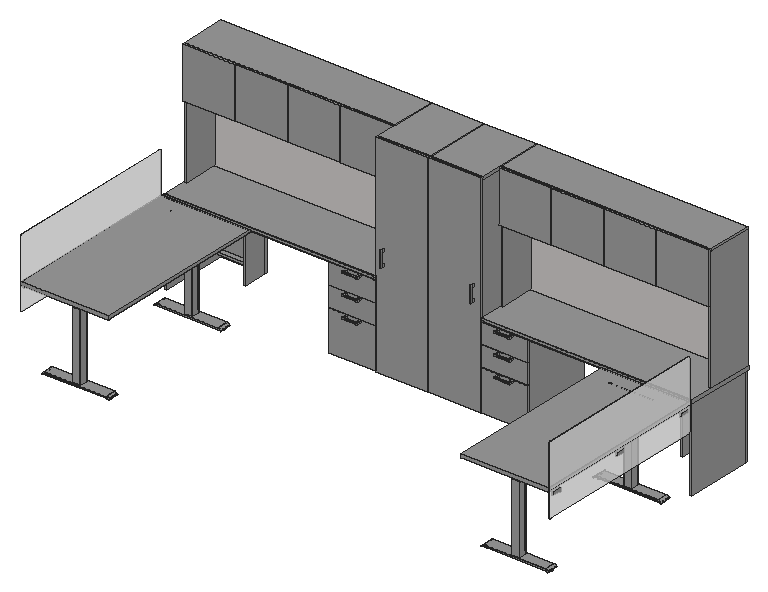
Revit family "JSI-Vision-Typical_Laminate-VST117", category Furniture, Revit 2020
Family settings
  OmniClass Number = 23.40.20.00
  OmniClass Title = General Furniture and Specialties
  Work Plane-Based = No
  Always vertical = Yes
  Cut with Voids When Loaded = No
  Shared = No
  Room Calculation Point = No
Parameters (values of type "VST117")
  URL = "www.jsifurniture.com"
  Type Comments = "Typical Laminate"  # constant formula
  Model = "VST117"
  Manufacturer = "JSI"  # constant formula
  Keynote = "12500"
  Default Elevation = 0"
  Assembly Code = "E2020200"
Reference planes (in)
  plane 1 "Center Front/Back": y = 0
  plane 2: z = 0
  plane 3 "Center Left/Right": x = 0
Dimensions and locks (in)
  aligned and locked: level to plane 2
Nested families (in)
  nested 1: "JSI-Vision-Tackboard_Overhead" at (17.8125, -1.6875, -4.5625), type "VSB7223TK, Tackboard for Overhead Front"
    with Width 70 1/8", Height 23"
  nested 2: "JSI-Vision-Modular_Box_Box_File_Pedestal" at (17.8125, 0.0625, 0), type "VST1624MBBF, Laminate Modular BBF Ped"
    with Ped Width 15.996", Ped Height 27.996", Ped Depth 24"
  nested 3: "JSI-Vision-Modular_Wing_End_Support" at (-89.875, 0, 0), type "VST1624WEAL, Wing End Sup - Left"
    with Depth 24"
  nested 4: "JSI-Vision-Modular_Wing_End_Support" at (73.75, 0, 0), type "VST1624WEAR, Wing End Sup - Right"
    with Pnl Pstn 15 1/8", L no, Depth 24"
  nested 5: "JSI-Vision-Overhead_Cabinets" at (17.8125, 0, -0.8125), type "VST1672SO, Laminate OH Cab. 16" x 72", 4 Doors"
    with Verticall Partition Distance 35 3/4", Unit Centre 36", Width 72", Door Width Actual 17 25/32", Door Array Spacing 17 29/32", Door Width 17 25/32", # of Doors 4
  nested 6: "JSI-Vision-Wardrobe" at (0, 0, 0), type "VST2418-72WL, Laminate 72" H Wdrb 24" x 30" - 1 Door"
    with Vertical Partition no, Top-Right Shelve no, Width 18", Unit Centre 8 15/16", Shelve Width 7 13/16", Right surface Dist. to Vertical Partition 3/4", Right Door no, Pull Distance 15 1/4", Left Shelves no, Height 72", Hanging Bar Distance 6 3/4", Door Width 17 3/4", Bottom-Right Shelves yes, Adjustable Shelves Array Distance 13.95", Actual Width 17 7/8", Actual Height 71 11/16", # of Adjustable Shelves 4
  nested 7: "JSI-Vision-Wardrobe" at (-17.875, 0, 0), type "VST2418-72WR, Laminate 72" H Wdrb 24" x 36" - 1 Door"
    with Vertical Partition no, Top-Right Shelve no, Width 18", Unit Centre 8 15/16", Shelve Width 7 13/16", Right surface Dist. to Vertical Partition 3/4", Pull Distance 15 1/4", Left Shelves no, Left Door no, Height 72", Hanging Bar Distance 6 3/4", Door Width 17 3/4", Bottom-Right Shelves yes, Adjustable Shelves Array Distance 13.95", Actual Width 17 7/8", Actual Height 71 11/16", # of Adjustable Shelves 4
  nested 8: "JSI-Vision-Credenza_Top" at (17.875, 0, 27.996), type "VST2472MCT, Laminate Credenza Top, 24" x 72""
    with Height 0", Width 72", Depth 24"
  nested 9: "JSI-Vision-Adjustable_Table_Standard_Range" at (59.875, -85, 0) x (0, 1, 0) z (0, 0, 1), type "VST3060AHTD-S - Adjustable Height Table Standard Range 60"W x 30"D x 30"H"
  nested 10: "JSI-Vision-Modular_Box_Box_File_Pedestal" at (-17.8125, 0.0625, 0) x (-1, 0, 0) z (0, 0, 1), type "VST1624MBBF, Laminate Modular BBF Ped"
    with Ped Width 15.996", Ped Height 27.996", Ped Depth 24"
  nested 11: "JSI-Vision-Credenza_Top" at (-17.875, 0, 27.996) x (-1, 0, 0) z (0, 0, 1), type "VST2472MCT, Laminate Credenza Top, 24" x 72""
    with Height 0", Width 72", Depth 24"
  nested 12: "JSI-Vision-Adjustable_Table_Standard_Range" at (-59.875, -85, 0) x (0, 1, 0) z (0, 0, 1), type "VST3060AHTD-S - Adjustable Height Table Standard Range 60"W x 30"D x 30"H"
  nested 13: "JSI-Vision-Overhead_Cabinets" at (-17.8125, 0, -0.8125) x (-1, 0, 0) z (0, 0, 1), type "VST1672SO, Laminate OH Cab. 16" x 72", 4 Doors"
    with Verticall Partition Distance 35 3/4", Unit Centre 36", Width 72", Door Width Actual 17 25/32", Door Array Spacing 17 29/32", Door Width 17 25/32", # of Doors 4
  nested 14: "JSI-Vision-Tackboard_Overhead" at (-17.8125, -1.6875, -4.5625) x (-1, 0, 0) z (0, 0, 1), type "VSB7223TK, Tackboard for Overhead Front"
    with Width 70 1/8", Height 23"
  nested 15: "JSI-Vision-Lok_Frosted_Acrylic_Privacy_Screen" at (-89.875, -85, -2.13) x (0, 1, 0) z (0, 0, 1), type "LK-PSP-6024A, Lok Frosted Acrylic Privacy Screen - 60w x 23 3/4h"
  nested 16: "JSI-Vision-Lok_Frosted_Acrylic_Privacy_Screen" at (89.875, -85, -2.13) x (0, 1, 0) z (0, 0, 1), type "LK-PSP-6024A, Lok Frosted Acrylic Privacy Screen - 60w x 23 3/4h"
Definition of nested family "JSI-Vision-Tackboard_Overhead"
  Parameters (values of type "Tackboard for Overhead Front - Type Catalog Family")
    Tackboard = none
    Width = 28 1/8"
    URL = "www.jsifurniture.com"
    Type Comments = ""
    Series = "Vision Casegoods"  # constant formula
    Model = "Type Catalog"
    Material = ""
    Manufacturer = "JSI"  # constant formula
    Keynote = "12500"  # constant formula
    JSI Enviromental Website = "http://www.jsifurniture.com/jsi_sustainability_intro.php"
    Height = 19"
    Description = "Type Catalog"
    Depth = 3/8"
    Default Elevation = 0"
    Assembly Code = "E2020200"
  Reference planes (in)
    plane 1 "Center Front/Back": y = 0
    plane 2: z = 0
    plane 3 "Center Left/Right": x = 0
    plane 4: z = 0
    plane 5: x = 0.9375
    plane 6: x = 29.0625
    plane 7: y = -1.6875
    plane 8: z = 33.75
    plane 9: x = 30
    plane 10: z = 52.75
    plane 11: y = -2.0625
  Forms (in)
    Extrusion 1, solid, material <- "Tackboard"
      sketch origin (0, -0.125, 0) x (1, 0, 0) y (0, 1, 0)
        loop
          line (0.9375, -1.5625) -> (0.9375, -1.9375) -> (29.0625, -1.9375) -> (29.0625, -1.5625) -> (0.9375, -1.5625)
      from 33.75 to 52.75
  Lines and regions (in)
    symbolic lines
      curve 1: line (0.9375, -1.6875, 0) -> (29.0625, -1.6875, 0)
      curve 2: line (0.9375, -2.0625, 0) -> (0.9375, -1.6875, 0)
      curve 3: line (29.0625, -2.0625, 0) -> (0.9375, -2.0625, 0)
      curve 4: line (29.0625, -1.6875, 0) -> (29.0625, -2.0625, 0)
  Dimensions and locks (in)
    "Width": plane 5 to plane 6
    plane 8 to level = 33 3/4"
    "Height": plane 10 to plane 8
    locked: plane 3 "Center Left/Right" to plane 5 at 0.9375
    locked: plane 6 to plane 9 at 0.9375
    plane 1 "Center Front/Back" to plane 7 to plane 11 = 1 11/16" locked, 3/8" locked
    aligned and locked: level to plane 2
    aligned and locked: plane 7 to Extrusion 1
    aligned and locked: Extrusion 1 to plane 5  (x2)
    aligned and locked: plane 6 to Extrusion 1  (x2)
    aligned and locked: Extrusion 1 to plane 8
    aligned and locked: plane 10 to Extrusion 1
    aligned and locked: curve 1 to Extrusion 1
    aligned and locked: curve 2 to Extrusion 1
    aligned and locked: curve 3 to Extrusion 1
    aligned and locked: curve 4 to Extrusion 1
  Automatic sketch dimensions
    Extrusion 1 sketch curve to plane 5 = 0"
    Extrusion 1 sketch curve to plane 6 = 0"
    plane 7 to Extrusion 1 sketch curve = 0"
    Extrusion 1 sketch curve to plane 7 = 3/8"
Definition of nested family "JSI-Vision-Modular_Box_Box_File_Pedestal"
  Parameters (values of type "Type Catalog")
    URL = "www.jsifurniture.com"
    Tag = "BBF"
    Series = "Vision Casegoods"  # constant formula
    Pull Finish = none
    Ped Width = 16"
    Ped Height = 28"
    Model = "Type Catalog"
    Manufacturer = "JSI"  # constant formula
    Keynote = "12500"
    JSI Enviromental website = "http://www.jsifurniture.com/jsi_sustainability_intro.php"
    Description = "Type Catalog"
    Default Elevation = 0"
    Chassis = none
    Ped Depth = 20"
    Grommet Finish = none
    Drawer Front = none
    Assembly Code = "E2020200"
  Reference planes (in)
    plane 1 "Center Front/Back": y = 0
    plane 2: z = 0
    plane 3 "Center Left/Right": x = 0
    plane 4: x = 0.125
    plane 5: x = 16.125
    plane 6: x = 16.25
    plane 7: y = -18.9795
    plane 8: y = -0.1875
    plane 9: y = -19.1095
    plane 10: x = 0.18716
    plane 11: x = 16.06243
    plane 12: y = -19.8595
    plane 13: z = 27.89082
    plane 14: z = 28
    plane 15: x = 0.875
    plane 16: x = 15.376
    plane 17: y = -0.9375
    plane 18: y = -18.23863
    plane 19: z = 27.1404
    plane 20: z = 26.5625
    plane 21: y = -3.9375
    plane 22: x = 8.125
    plane 23: y = -20
    plane 24: y = -9.80266
    plane 25: y = -14.80266
    plane 26: z = 27.1875
    plane 27: z = 21.04715
    plane 28: z = 20.92165
    plane 29: z = 20.1704
    plane 30: z = 14.0779
    plane 31: z = 13.9529
    plane 32: z = 13.2024
    plane 33: z = 0.1404
  Forms (in)
    Extrusion 1, solid, material <- "Chassis"
      sketch origin (0.125, -0.1875, 48) x (0, 1, 0) y (0, 0, 1)
        loop
          line (0, -20) -> (-2.2814, -20) -> (-18.792, -20) -> (-18.792, -48) -> (0, -48) -> (0, -20)
      from 0 to 0.75
    Extrusion 2, solid, material <- "Chassis"
      sketch origin (16.125, -0.1875, 48) x (0, 1, 0) y (0, 0, 1)
        loop
          line (0, -20) -> (-1.49541, -20) -> (-18.792, -20) -> (-18.792, -48) -> (0, -48) -> (0, -20)
      from -0.749 to 0
    Extrusion 3, solid, material <- "Drawer Front"
      sketch origin (0, 0, 0) x (1, 0, 0) y (0, 0, 1)
        loop
          line (0.18716, 27.89082) -> (0.18716, 21.04715) -> (16.06243, 21.04715) -> (16.06243, 27.89082) -> (0.18716, 27.89082)
        loop
          line (16.06243, 14.0779) -> (16.06243, 20.92165) -> (0.18716, 20.92165) -> (0.18716, 14.0779) -> (16.06243, 14.0779)
        loop
          line (0.18716, 13.9529) -> (0.18716, 0.1404) -> (16.06243, 0.1404) -> (16.06243, 13.9529) -> (0.18716, 13.9529)
      from 19.1095 to 19.8595
    Extrusion 4, solid, material <- "Chassis"
      sketch origin (0, 0, 0) x (1, 0, 0) y (0, 1, 0)
        loop
          line (0.875, -18.23863) -> (0.875, -18.9795) -> (15.376, -18.9795) -> (15.376, -18.23863) -> (0.875, -18.23863)
      from 0 to 1.9375
    Extrusion 5, solid, material <- "Chassis"
      sketch origin (0, 0, 0) x (0, 1, 0) y (0, 0, 1)
        loop
          line (-9.80266, 27.1875) -> (-9.80266, 27.89082) -> (-14.80266, 27.89082) -> (-14.80266, 27.1875) -> (-9.80266, 27.1875)
      from 0.875 to 15.376
    Extrusion 6, solid, material <- "Chassis"
      sketch origin (0, 0, 0) x (0, 1, 0) y (0, 0, 1)
        loop
          line (-0.1875, 28) -> (-0.9375, 28) -> (-0.9375, 23) -> (-0.1875, 23) -> (-0.1875, 28)
        loop
          line (-0.9375, 5) -> (-0.9375, 0) -> (-0.1875, 0) -> (-0.1875, 5) -> (-0.9375, 5)
      from 0.875 to 15.376
  Lines and regions (in)
    symbolic lines
      curve 1: line (0.125, -18.9795, 0) -> (0.125, -0.1875, 0)
      curve 2: line (16.125, -0.1875, 0) -> (16.125, -18.9795, 0)
      curve 3: line (0.18716, -19.1095, 0) -> (16.06243, -19.1095, 0)
      curve 4: line (0.18716, -19.8595, 0) -> (0.18716, -19.1095, 0)
      curve 5: line (16.06243, -19.8595, 0) -> (0.18716, -19.8595, 0)
      curve 6: line (16.06243, -19.1095, 0) -> (16.06243, -19.8595, 0)
      curve 7: line (0.875, -0.1875, 0) -> (0.875, -18.9795, 0)
      curve 8: line (0.125, -18.9795, 0) -> (0.875, -18.9795, 0)
      curve 9: line (15.376, -0.1875, 0) -> (15.376, -18.9795, 0)
      curve 10: line (15.376, -18.9795, 0) -> (16.125, -18.9795, 0)
      curve 11: line (0.125, -0.1875, 0) -> (16.125, -0.1875, 0)
      curve 12: line (0.875, -0.9375, 0) -> (15.376, -0.9375, 0)
  Dimensions and locks (in)
    plane 3 "Center Left/Right" to plane 4 = 1/8"
    locked: plane 5 to plane 6 at 0.125
    "Ped Width": plane 4 to plane 5
    locked: plane 1 "Center Front/Back" to plane 8 at 0.1875
    "Ped Height": plane 14 to level
    locked: plane 8 to plane 17 at 0.75
    plane 18 to plane 7 to plane 9 to plane 12 = 0.74087" locked, 0.13" locked, 3/4" locked
    plane 4 to plane 10 to plane 15 = 0.06216" locked, 0.68784" locked
    plane 16 to plane 11 to plane 5 = 0.68644" locked, 0.06257" locked
    locked: plane 14 to plane 20 at 1.4375
    locked: plane 1 "Center Front/Back" to plane 21 at 3.9375
    plane 3 "Center Left/Right" to plane 22 to plane 6 = 8 1/8", 8 1/8"
    "Ped Depth": plane 23 to plane 1 "Center Front/Back"
    locked: plane 12 to plane 23 at 0.1405
    plane 24 to plane 25 to plane 23 = 5" locked, 5.19734" locked
    locked: plane 14 to Extrusion 6 sketch curve at 5
    locked: Extrusion 6 sketch curve to plane 2 at 5
    plane 14 to plane 13 to plane 27 to plane 28 to plane 30 to plane 31 to plane 33 to plane 2 = 0.10918" locked, 6.84367" locked, 0.1255" locked, 6 27/32" locked, 1/8" locked, 13 13/16", 0.1404" locked
    plane 19 to plane 29 to plane 32 to plane 2 = 6.97" locked, 6.968" locked, 13.2024" locked
    aligned and locked: level to plane 2
    aligned and locked: Extrusion 1 sketch curve to plane 7
    aligned and locked: Extrusion 1 sketch curve to level
    aligned and locked: Extrusion 2 sketch curve to plane 14
    aligned and locked: level to Extrusion 2 sketch curve
    aligned and locked: plane 7 to Extrusion 2 sketch curve
    aligned and locked: Extrusion 3 sketch curve to plane 13
    aligned and locked: Extrusion 3 sketch curve to plane 10  (x2)
    aligned and locked: plane 11 to Extrusion 3 sketch curve  (x2)
    aligned and locked: Extrusion 3 to plane 12
    aligned and locked: plane 9 to Extrusion 3
    aligned and locked: Extrusion 4 sketch curve to plane 18
    aligned and locked: plane 15 to Extrusion 4 sketch curve
    aligned and locked: nested 1 to plane 12
    aligned and locked: nested 2 to plane 12
    aligned and locked: plane 19 to nested 2
    aligned and locked: plane 24 to Extrusion 5 sketch curve
    aligned and locked: Extrusion 5 sketch curve to plane 26
    aligned and locked: Extrusion 5 sketch curve to plane 25
    aligned and locked: plane 13 to Extrusion 5 sketch curve
    aligned and locked: Extrusion 5 to plane 15
    aligned and locked: plane 16 to Extrusion 5
    aligned and locked: nested 3 to plane 22
    aligned and locked: nested 3 to plane 23
    aligned and locked: nested 2 to plane 22
    aligned and locked: nested 1 to plane 22
    aligned and locked: Extrusion 3 sketch curve to Extrusion 3 sketch curve  (x2)
    aligned and locked: nested 4 to plane 22
    aligned and locked: nested 4 to plane 12
    aligned and locked: Extrusion 3 to plane 28
    aligned and locked: plane 27 to Extrusion 3
    aligned and locked: Extrusion 3 to plane 31
    aligned and locked: plane 30 to Extrusion 3
    aligned and locked: plane 8 to Extrusion 1
    aligned and locked: plane 8 to Extrusion 2
    aligned and locked: curve 7 to Extrusion 1
    aligned and locked: plane 8 to curve 9
    aligned and locked: Extrusion 2 to plane 16
    aligned and locked: plane 8 to Extrusion 6 sketch curve
    aligned and locked: Extrusion 6 sketch curve to plane 17
    aligned and locked: Extrusion 6 sketch curve to plane 2
    aligned and locked: Extrusion 6 sketch curve to plane 8
    aligned and locked: plane 17 to Extrusion 6 sketch curve
    aligned and locked: Extrusion 6 sketch curve to plane 14
    aligned and locked: Extrusion 6 to plane 15
    aligned and locked: plane 16 to Extrusion 6
    aligned and locked: plane 4 to curve 11
    aligned and locked: plane 5 to curve 11
    aligned and locked: curve 11 to plane 8
    aligned and locked: plane 15 to curve 12
    aligned and locked: plane 16 to curve 12
    aligned and locked: curve 12 to plane 17
    aligned and locked: plane 33 to Extrusion 3
  Automatic sketch dimensions
    Extrusion 3 sketch curve to plane 19 = 6 7/32"
    Extrusion 3 sketch curve to Extrusion 3 sketch curve = 0.1255"
    Extrusion 1 sketch curve to plane 14 = 0"
    Extrusion 1 sketch curve to Extrusion 1 sketch curve = 2.2814"
    Extrusion 2 sketch curve to plane 17 = 0.74541"
    Extrusion 3 sketch curve to Extrusion 3 sketch curve = 1/8"
    Extrusion 3 sketch curve to Extrusion 3 sketch curve = 6 31/32"
    level to Extrusion 3 sketch curve = 0.1404"
    plane 17 to Extrusion 1 sketch curve = 3/4"
    Extrusion 4 sketch curve to plane 7 = 0"
    Extrusion 4 sketch curve to plane 16 = 0"
    plane 17 to Extrusion 2 sketch curve = 3/4"
    curve 3 to plane 9 = 0"
    curve 3 to plane 10 = 0"
    curve 10 to plane 7 = 0"
    curve 5 to plane 11 = 0"
    curve 4 to plane 12 = 0"
    curve 1 to plane 7 = 0"
  Nested families (in)
    nested 1: "Bar Pull" at (8.125, -19.8595, 13.2024), Pull Finish <- "Pull Finish", type "PL"
      with Pull Finish none
    nested 2: "Bar Pull" at (8.125, -19.8595, 27.1404), Pull Finish <- "Pull Finish", type "PL"
      with Pull Finish none
    nested 3: "Label 1-16" at (8.125, -20, 0), type "DRWCFG"
    nested 4: "Bar Pull" at (8.125, -19.8595, 20.1704), Pull Finish <- "Pull Finish", type "PL"
      with Pull Finish none
  Definition of nested family "Bar Pull"
    Parameters
      Pull Finish [instance] = none
      Default Elevation = 0"
    Reference planes (in)
      plane 1 "Center Front/Back": y = 0
      plane 2: z = 0
      plane 3 "Center Left/Right": x = 0
      plane 4: x = -2.68731
      plane 5: x = -1.88731
      plane 6: x = 2.68731
      plane 7: x = 1.88731
      plane 8: y = -1
      plane 9: y = -0.85202
    Forms (in)
      Extrusion 1, solid, material <- "Pull Finish"
        sketch origin (0, 0, 0) x (0, 1, 0) y (0, 0, 1)
          loop
            line (0, -0.2015) -> (0, 0.2015) -> (-0.85202, 0.2015)
            arc (-0.85202, 0.2015) -> (-0.75, 0) -> (-0.85202, -0.2015) r 0.25
            line (-0.85202, -0.2015) -> (0, -0.2015)
        from 1.88731 to 2.68731
      Extrusion 2, solid, material <- "Pull Finish"
        sketch origin (0, 0, 0) x (0, 1, 0) y (0, 0, 1)
          loop
            circle (-1, 0) r 0.25
        from -2.68731 to 2.68731
      Extrusion 3, solid, material <- "Pull Finish"
        sketch origin (0, 0, 0) x (0, 1, 0) y (0, 0, -1)
          loop
            line (0, 0.2015) -> (-0.85202, 0.2015)
            arc (-0.85202, 0.2015) -> (-0.75, 0) -> (-0.85202, -0.2015) r 0.25
            line (-0.85202, -0.2015) -> (0, -0.2015) -> (0, 0.2015)
        from 1.88731 to 2.68731
    Dimensions and locks (in)
      plane 4 to plane 5 to plane 3 "Center Left/Right" to plane 7 to plane 6 = 0.8" locked, 1.88731" locked, 1.88731" locked, 0.8" locked
      plane 8 to plane 9 to plane 1 "Center Front/Back" = 0.14798" locked, 0.85202" locked
      aligned and locked: level to plane 2
      aligned and locked: plane 4 to Extrusion 3
      aligned and locked: Extrusion 3 to plane 5
      aligned and locked: plane 4 to Extrusion 2
      aligned and locked: Extrusion 1 to plane 7
      aligned and locked: plane 6 to Extrusion 1
      aligned and locked: plane 6 to Extrusion 2
      aligned and locked: plane 8 to Extrusion 2 sketch curve
      aligned and locked: Extrusion 3 to plane 1 "Center Front/Back"
      aligned and locked: Extrusion 1 to plane 1 "Center Front/Back"
      aligned and locked: plane 5 to Extrusion 3
      aligned and locked: Extrusion 3 to plane 4
      aligned and locked: Extrusion 2 to plane 4
      aligned and locked: plane 7 to Extrusion 1
      aligned and locked: Extrusion 1 to plane 6
      aligned and locked: Extrusion 2 to plane 6
  Definition of nested family "Label 1-16"
    Parameters
      Width = 1"
      Model Name = "2 Drw - 2 Drs"
    Reference planes (in)
      plane 1: y = 0
      plane 2: x = 0
    Text (in)
      label "XX" at (0.00051, -0.12324, 0), shows "Model Name"
Definition of nested family "JSI-Vision-Modular_Wing_End_Support"
  Parameters (values of type "Wing End Sup - Type Catalog Family")
    Width = 16"
    URL = "www.jsifurniture.com"
    Series = "Vision Casegoods"  # constant formula
    Pnl Pstn = if(L, 1/8", Width - 7/8")  # 1/8"
    Model = "Type Catalog"
    Manufacturer = "JSI"  # constant formula
    L = yes
    Keynote = "12500"  # constant formula
    JSI Enviromental website = "http://www.jsifurniture.com/jsi_sustainability_intro.php"
    Height = 28"
    Grommet Finish = none
    Description = "Type Catalog"
    Depth = 20"
    Default Elevation = 0"
    Chassis = none
    Assembly Code = "E2020200"
  Reference planes (in)
    plane 1 "Center Front/Back": y = 0
    plane 2: z = 0
    plane 3 "Center Left/Right": x = 0
    plane 4: x = 0.125
    plane 5: x = 15.875
    plane 6: x = 16
    plane 7: y = -0.1875
    plane 8: z = 28
    plane 9: x = 0.875
    plane 10: x = 15.126
    plane 11: y = -20
    plane 12: y = -19.8125
    plane 13: y = -0.9375
    plane 14: x = 0.125
    plane 15: x = 15.875
  Forms (in)
    Extrusion 1, solid, material <- "Chassis"
      sketch origin (0, 0, 0) x (1, 0, 0) y (0, 1, 0)
        loop
          line (0.125, -0.1875) -> (0.125, -0.9375) -> (15.875, -0.9375) -> (15.875, -0.1875) -> (0.125, -0.1875)
      from 0 to 28
    Extrusion 2, solid, material <- "Chassis"
      sketch origin (0.125, -0.1875, 48) x (0, 1, 0) y (0, 0, 1)
        loop
          line (-0.75, -20) -> (-19.625, -20) -> (-19.625, -48) -> (-0.75, -48) -> (-0.75, -20)
      from 0 to 0.75
    Extrusion 3, solid, material <- "Chassis"
      sketch origin (15.875, -0.1875, 48) x (0, 1, 0) y (0, 0, 1)
        loop
          line (-0.75, -20) -> (-4.75, -20) -> (-4.75, -48) -> (-0.75, -48) -> (-0.75, -20)
      from -0.749 to 0
    Extrusion 4, solid, material <- "Chassis"
      sketch origin (0, 0, 0) x (0, 1, 0) y (0, 0, 1)
        loop
          line (-0.9375, 1.75) -> (-0.9375, 2.5) -> (-2.875, 2.5) -> (-2.875, 1.75) -> (-0.9375, 1.75)
      from 0.875 to 15.126
  Lines and regions (in)
    symbolic lines
      curve 1: line (15.875, -0.1875, 0) -> (0.125, -0.1875, 0)
      curve 2: line (0.125, -19.8125, 0) -> (0.125, -0.1875, 0)
      curve 3: line (15.875, -0.1875, 0) -> (15.875, -4.9375, 0)
      curve 4: line (0.125, -0.9375, 0) -> (15.875, -0.9375, 0)
      curve 5: line (0.875, -0.9375, 0) -> (0.875, -19.8125, 0)
      curve 6: line (0.125, -19.8125, 0) -> (0.875, -19.8125, 0)
      curve 7: line (15.126, -0.9375, 0) -> (15.126, -4.9375, 0)
      curve 8: line (15.126, -4.9375, 0) -> (15.875, -4.9375, 0)
  Dimensions and locks (in)
    locked: plane 1 "Center Front/Back" to plane 7 at 0.1875
    "Height": plane 8 to level
    locked: plane 4 to plane 9 at 0.75
    locked: plane 10 to plane 5 at 0.749
    "Depth": plane 11 to plane 1 "Center Front/Back"
    "Width": plane 3 "Center Left/Right" to plane 6
    locked: plane 3 "Center Left/Right" to plane 14 at 0.125
    locked: plane 15 to plane 6 at 0.125
    locked: Extrusion 1 to Extrusion 4 at 0.75
    locked: Extrusion 4 to Extrusion 1 at 0.749
    "Pnl Pstn": plane 3 "Center Left/Right" to plane 4
    "Pnl Pstn": plane 5 to plane 6
    locked: plane 12 to plane 11 at 0.1875
    Extrusion 4 to Extrusion 4 to plane 2 = 3/4" locked, 1 3/4" locked
    locked: plane 13 to Extrusion 4 at 1.9375
    aligned and locked: level to plane 2
    aligned and locked: Extrusion 1 sketch curve to plane 7
    aligned and locked: Extrusion 2 sketch curve to level
    aligned and locked: Extrusion 3 sketch curve to plane 8
    aligned and locked: level to Extrusion 3 sketch curve
    aligned and locked: Extrusion 2 to plane 12
    aligned and locked: plane 13 to Extrusion 2
    aligned and locked: plane 9 to Extrusion 2
    aligned and locked: Extrusion 2 to plane 4
    aligned and locked: Extrusion 1 to plane 14
    aligned and locked: plane 15 to Extrusion 1
    aligned and locked: curve 6 to plane 12
    aligned and locked: plane 13 to Extrusion 4 sketch curve
    aligned and locked: plane 13 to Extrusion 3
    aligned and locked: plane 14 to curve 1
  Automatic sketch dimensions
    plane 11 to Extrusion 3 sketch curve = 15 1/16"
    Extrusion 2 sketch curve to plane 8 = 0"
    plane 12 to Extrusion 2 sketch curve = 0"
    Extrusion 1 sketch curve to plane 7 = 3/4"
    Extrusion 2 sketch curve to plane 7 = 3/4"
    Extrusion 3 sketch curve to plane 7 = 3/4"
    Extrusion 1 sketch curve to plane 4 = 0"
    plane 5 to Extrusion 1 sketch curve = 0"
    curve 7 to plane 10 = 0"
    curve 3 to plane 5 = 0"
    curve 2 to plane 4 = 0"
    curve 6 to plane 9 = 0"
    curve 1 to plane 15 = 0"
    curve 4 to plane 13 = 0"
    curve 7 to plane 13 = 0"
    curve 5 to plane 13 = 0"
    curve 2 to plane 7 = 0"
    level to Extrusion 4 sketch curve = 1 3/4"
    Extrusion 4 sketch curve to Extrusion 4 sketch curve = 3/4"
    curve 3 to curve 4 = 4"
    Extrusion 4 sketch curve to plane 13 = 1 15/16"
Definition of nested family "JSI-Vision-Overhead_Cabinets"
  Parameters (values of type "Overhead Cab. Doors - Type Catalog Family")
    Verticall Partition Distance = (Door Width * 2) + 3/16"  # 29 13/16"
    Unit Centre = Width / 2  # 45"
    Top = none
    Width = 90"
    URL = "www.jsifurniture.com"
    Type Comments = ""
    Tag = "6 Doors"
    Series = "Vision Casegoods"  # constant formula
    Right Vertical Partition = yes
    Overhead Height = 26 1/2"
    OH Elevation = 30"
    Model = "Type Catalog"
    Material = ""
    Manufacturer = "JSI"  # constant formula
    Left Vertical Partition = yes
    Keynote = "12500"  # constant formula
    JSI Enviromental Website = "http://www.jsifurniture.com/jsi_sustainability_intro.php"
    Height = 42"
    Grommet Finish = none
    Gromett Height = OH Elevation + 24 5/8"  # 54 5/8"
    Door Width Actual = if(# of Doors > 4, ((Width - 1 1/8") / # of Doors), if(# of Doors > 3, (((Width - 1 1/8") / # of Doors) + 1/16"), if(# of Doors > 2, (((Width - 1 1/8") / # of Doors) + 1/8"), (((Width - 1 1/8") / # of Doors) + 1/4"))))  # 14 13/16"
    Door Array Spacing = Door Width + 1/8"  # 14 15/16"
    Door Width = Door Width Actual  # 14 13/16"
    Door Front = none
    Description = "Type Catalog"
    Depth = 16"
    Default Elevation = 0"
    Chassis = none
    Assembly Code = "E2020200"
    # of Doors = if(Width > 89", 6, (if(Width > 53", 4, (if(Width > 41", 3, (if(Width > 30", 2, 2)))))))  # 6
  Reference planes (in)
    plane 1 "Center Front/Back": y = 0
    plane 2: z = 0
    plane 3 "Center Left/Right": x = 0
    plane 4 "a": z = 0
    plane 5: y = -0.125
    plane 6: x = 90
    plane 7: x = 0.125
    plane 8: x = 89.875
    plane 9: y = -15.5625
    plane 10: y = -16
    plane 11: z = 72.5
    plane 12: z = 72
    plane 13: x = 0.875
    plane 14: x = 89.125
    plane 15: y = -0.875
    plane 16: y = -0.9375
    plane 17: y = -1.6875
    plane 18: z = 71.75
    plane 19: z = 56.5
    plane 20: z = 57.25
    plane 21: z = 55
    plane 22: y = -14.8125
    plane 23: y = -14.0625
    plane 24: x = 0.25
    plane 25: x = 89.75
    plane 26: z = 72.4375
    plane 27: z = 55.1875
    plane 28: y = -15.6875
    plane 29: y = -16.4375
    plane 30: x = 45
    plane 31: x = 30.0625
    plane 32: x = 59.9375
    plane 33: x = 29.6875
    plane 34: x = 30.4375
    plane 35: x = 59.5625
    plane 36: x = 60.3125
    plane 37 "Not a Reference": x = 6.875
    plane 38: x = 83.125
    plane 39: z = 30
  Forms (in)
    Extrusion 1, solid, material <- "Chassis"
      sketch origin (0, 0, 0) x (1, 0, 0) y (0, 1, 0)
        loop
          line (0.125, -0.125) -> (0.125, -15.5625) -> (0.875, -15.5625) -> (0.875, -0.125) -> (0.125, -0.125)
      from 30 to 71.75
    Extrusion 2, solid, material <- "Chassis"
      sketch origin (0, 0, 0) x (1, 0, 0) y (0, 1, 0)
        loop
          line (89.875, -0.125) -> (89.125, -0.125) -> (89.125, -15.5625) -> (89.875, -15.5625) -> (89.875, -0.125)
      from 30 to 71.75
    Extrusion 3, solid, material <- "Door Front"
      sketch origin (0, 0, 0) x (1, 0, 0) y (0, 0, 1)
        loop
          line (0.125, 72.5) -> (0.125, 71.75) -> (89.875, 71.75) -> (89.875, 72.5) -> (0.125, 72.5)
      from 0.125 to 15.5625
    Extrusion 4, solid, material <- "Chassis"
      sketch origin (0, 0, 0) x (1, 0, 0) y (0, 0, 1)
        loop
          line (0.875, 57.25) -> (0.875, 56.5) -> (89.125, 56.5) -> (89.125, 57.25) -> (0.875, 57.25)
      from 1.6875 to 15.5625
    Extrusion 5, solid, material <- "Chassis"
      sketch origin (0, 0, 0) x (1, 0, 0) y (0, 1, 0)
        loop
          line (0.875, -14.0625) -> (0.875, -14.8125) -> (89.125, -14.8125) -> (89.125, -14.0625) -> (0.875, -14.0625)
      from 55 to 56.5
    Extrusion 6, solid, material <- "Door Front"
      sketch origin (-3, 0, 18) x (1, 0, 0) y (0, 1, 0)
        loop
          line (3.25, -15.6875) -> (3.25, -16.4375) -> (18.0625, -16.4375) -> (18.0625, -15.6875) -> (3.25, -15.6875)
      from 37.1875 to 54.4375
    Extrusion 7, solid, material <- "Door Front"
      sketch origin (11.9375, 0, 18) x (1, 0, 0) y (0, 1, 0)
        loop
          line (3.25, -15.6875) -> (3.25, -16.4375) -> (18.0625, -16.4375) -> (18.0625, -15.6875) -> (3.25, -15.6875)
      from 37.1875 to 54.4375
    Extrusion 8, solid, material <- "Chassis", visible <- "Left Vertical Partition"
      sketch origin (0, 0, 0) x (1, 0, 0) y (0, 1, 0)
        loop
          line (29.6875, -1.6875) -> (29.6875, -15.5625) -> (30.4375, -15.5625) -> (30.4375, -1.6875) -> (29.6875, -1.6875)
      from 57.25 to 71.75
    Extrusion 9, solid, material <- "Chassis", visible <- "Right Vertical Partition"
      sketch origin (0, 0, 0) x (1, 0, 0) y (0, 1, 0)
        loop
          line (59.5625, -1.6875) -> (59.5625, -15.5625) -> (60.3125, -15.5625) -> (60.3125, -1.6875) -> (59.5625, -1.6875)
      from 57.25 to 71.75
    Extrusion 10, solid, material <- "Chassis"
      sketch origin (130.61992, -0.9375, 48) x (1, 0, 0) y (0, 0, 1)
        loop
          line (-129.74492, 23.75) -> (-129.74492, -18) -> (-41.49492, -18) -> (-41.49492, 23.75) -> (-129.74492, 23.75)
        loop
          circle (-120.11946, 7.90657) r 0.33443
        loop
          circle (-51.12039, 7.90657) r 0.33443
      from 0 to 0.75
    Extrusion 11, solid, material <- "Door Front"
      sketch origin (26.875, 0, 18) x (1, 0, 0) y (0, 1, 0)
        loop
          line (3.25, -15.6875) -> (3.25, -16.4375) -> (18.0625, -16.4375) -> (18.0625, -15.6875) -> (3.25, -15.6875)
      from 37.1875 to 54.4375
    Extrusion 12, solid, material <- "Door Front"
      sketch origin (41.8125, 0, 18) x (1, 0, 0) y (0, 1, 0)
        loop
          line (3.25, -15.6875) -> (3.25, -16.4375) -> (18.0625, -16.4375) -> (18.0625, -15.6875) -> (3.25, -15.6875)
      from 37.1875 to 54.4375
    Extrusion 13, solid, material <- "Door Front"
      sketch origin (56.75, 0, 18) x (1, 0, 0) y (0, 1, 0)
        loop
          line (3.25, -15.6875) -> (3.25, -16.4375) -> (18.0625, -16.4375) -> (18.0625, -15.6875) -> (3.25, -15.6875)
      from 37.1875 to 54.4375
    Extrusion 14, solid, material <- "Door Front"
      sketch origin (71.6875, 0, 18) x (1, 0, 0) y (0, 1, 0)
        loop
          line (3.25, -15.6875) -> (3.25, -16.4375) -> (18.0625, -16.4375) -> (18.0625, -15.6875) -> (3.25, -15.6875)
      from 37.1875 to 54.4375
  Lines and regions (in)
    symbolic lines
      curve 1: line (0.125, -0.125, 0) -> (0.125, -15.5625, 0)
      curve 2: line (89.875, -0.125, 0) -> (0.125, -0.125, 0)
      curve 3: line (0.125, -15.5625, 0) -> (89.875, -15.5625, 0)
      curve 4: line (89.875, -15.5625, 0) -> (89.875, -0.125, 0)
      curve 5: line (0.25, -15.6875, 0) -> (15.0625, -15.6875, 0)
      curve 6: line (0.25, -16.4375, 0) -> (0.25, -15.6875, 0)
      curve 7: line (15.0625, -16.4375, 0) -> (0.25, -16.4375, 0)
      curve 8: line (15.0625, -15.6875, 0) -> (15.0625, -16.4375, 0)
      curve 9: line (15.1875, -15.6875, 0) -> (30, -15.6875, 0)
      curve 10: line (15.1875, -16.4375, 0) -> (15.1875, -15.6875, 0)
      curve 11: line (30, -16.4375, 0) -> (15.1875, -16.4375, 0)
      curve 12: line (30, -15.6875, 0) -> (30, -16.4375, 0)
      curve 13: line (30.125, -15.6875, 0) -> (44.9375, -15.6875, 0)
      curve 14: line (30.125, -16.4375, 0) -> (30.125, -15.6875, 0)
      curve 15: line (44.9375, -16.4375, 0) -> (30.125, -16.4375, 0)
      curve 16: line (44.9375, -15.6875, 0) -> (44.9375, -16.4375, 0)
      curve 17: line (45.0625, -15.6875, 0) -> (59.875, -15.6875, 0)
      curve 18: line (45.0625, -16.4375, 0) -> (45.0625, -15.6875, 0)
      curve 19: line (59.875, -16.4375, 0) -> (45.0625, -16.4375, 0)
      curve 20: line (59.875, -15.6875, 0) -> (59.875, -16.4375, 0)
      curve 21: line (60, -15.6875, 0) -> (74.8125, -15.6875, 0)
      curve 22: line (60, -16.4375, 0) -> (60, -15.6875, 0)
      curve 23: line (74.8125, -16.4375, 0) -> (60, -16.4375, 0)
      curve 24: line (74.8125, -15.6875, 0) -> (74.8125, -16.4375, 0)
      curve 25: line (74.9375, -15.6875, 0) -> (89.75, -15.6875, 0)
      curve 26: line (74.9375, -16.4375, 0) -> (74.9375, -15.6875, 0)
      curve 27: line (89.75, -16.4375, 0) -> (74.9375, -16.4375, 0)
      curve 28: line (89.75, -15.6875, 0) -> (89.75, -16.4375, 0)
  Dimensions and locks (in)
    plane 3 "Center Left/Right" to plane 7 to plane 24 = 1/8" locked, 1/8" locked
    plane 25 to plane 8 to plane 6 = 1/8" locked, 1/8" locked
    locked: plane 5 to plane 1 "Center Front/Back" at 0.125
    plane 10 to plane 9 to plane 22 to plane 23 = 7/16" locked, 3/4" locked, 3/4" locked
    "Width": plane 3 "Center Left/Right" to plane 6
    "Depth": plane 10 to plane 1 "Center Front/Back"
    locked: plane 11 to plane 12 at 0.5
    locked: plane 7 to plane 13 at 0.75
    locked: plane 14 to plane 8 at 0.75
    locked: plane 15 to plane 5 at 0.75
    plane 17 to plane 16 to plane 5 = 3/4" locked, 13/16" locked
    locked: plane 11 to plane 18 at 0.75
    plane 20 to plane 19 to plane 21 = 3/4" locked, 1 1/2" locked
    plane 18 to plane 20 = 14 1/2"
    locked: plane 11 to plane 26 at 0.0625
    locked: plane 27 to plane 21 at 0.1875
    plane 29 to plane 28 to plane 9 = 3/4" locked, 1/8" locked
    "Door Width": Extrusion 6 sketch curve to Extrusion 6 sketch curve
    "Door Width": Extrusion 7 sketch curve to Extrusion 7 sketch curve
    equal spacing: group 1, group 2, group 3, group 4, group 5, group 6  (x3)
    "Door Array Spacing": Extrusion 6 to Extrusion 7
    "Verticall Partition Distance": plane 24 to plane 31
    plane 33 to plane 31 to plane 34 = 3/8" locked, 3/8" locked
    plane 35 to plane 32 to plane 36 = 3/8" locked, 3/8" locked
    "Verticall Partition Distance": plane 32 to plane 25
    "Unit Centre": plane 3 "Center Left/Right" to plane 30
    locked: plane 13 to plane 37 "Not a Reference" at 6
    locked: plane 38 to plane 14 at 6
    "Door Width": Extrusion 11 sketch curve to Extrusion 11 sketch curve
    "Door Width": Extrusion 12 sketch curve to Extrusion 12 sketch curve
    "OH Elevation": plane 39 to plane 4 "a"
    "Height": plane 12 to plane 39
    "Overhead Height": plane 19 to plane 39
    "Door Width": Extrusion 13 sketch curve to Extrusion 13 sketch curve
    "Door Width": Extrusion 14 sketch curve to Extrusion 14 sketch curve
    locked: Extrusion 10 sketch curve to Extrusion 10 sketch curve at 9.62546  (x2)
    locked: Extrusion 10 sketch curve to Extrusion 10 sketch curve at 15.84343  (x2)
    aligned and locked: level to plane 2
    aligned and locked: plane 5 to Extrusion 1 sketch curve
    aligned and locked: plane 7 to Extrusion 1 sketch curve
    aligned and locked: Extrusion 1 sketch curve to plane 13
    aligned and locked: Extrusion 2 sketch curve to plane 5
    aligned and locked: plane 8 to Extrusion 2 sketch curve
    aligned and locked: Extrusion 2 sketch curve to plane 14
    aligned and locked: Extrusion 3 sketch curve to plane 11
    aligned and locked: plane 7 to Extrusion 3 sketch curve
    aligned and locked: Extrusion 3 to plane 5
    aligned and locked: plane 9 to Extrusion 1
    aligned and locked: plane 9 to Extrusion 2
    aligned and locked: plane 9 to Extrusion 3
    aligned and locked: Extrusion 4 sketch curve to plane 20
    aligned and locked: plane 13 to Extrusion 4 sketch curve
    aligned and locked: plane 19 to Extrusion 4 sketch curve
    aligned and locked: Extrusion 4 sketch curve to plane 14
    aligned and locked: Extrusion 4 to plane 17
    aligned and locked: plane 9 to Extrusion 4
    aligned and locked: plane 23 to Extrusion 5 sketch curve
    aligned and locked: plane 13 to Extrusion 5 sketch curve
    aligned and locked: Extrusion 5 sketch curve to plane 22
    aligned and locked: Extrusion 5 sketch curve to plane 14
    aligned and locked: plane 19 to Extrusion 5
    aligned and locked: Extrusion 5 to plane 21
    aligned and locked: plane 26 to Extrusion 6
    aligned and locked: Extrusion 6 to plane 24
    aligned and locked: plane 17 to Extrusion 8 sketch curve
    aligned and locked: plane 33 to Extrusion 8 sketch curve
    aligned and locked: Extrusion 8 sketch curve to plane 9
    aligned and locked: Extrusion 8 sketch curve to plane 34
    aligned and locked: plane 17 to Extrusion 9 sketch curve
    aligned and locked: plane 35 to Extrusion 9 sketch curve
    aligned and locked: Extrusion 9 sketch curve to plane 9
    aligned and locked: Extrusion 9 sketch curve to plane 36
    aligned and locked: plane 18 to Extrusion 8
    aligned and locked: Extrusion 8 to plane 20
    aligned and locked: plane 18 to Extrusion 9
    aligned and locked: Extrusion 9 to plane 20
    aligned and locked: Extrusion 1 to Extrusion 10 sketch curve
    aligned and locked: Extrusion 10 sketch curve to Extrusion 1
    aligned and locked: Extrusion 2 to Extrusion 10 sketch curve
    aligned and locked: Extrusion 10 to plane 16
    aligned and locked: plane 17 to Extrusion 10
    aligned and locked: plane 30 to nested 1
    aligned and locked: plane 29 to nested 1
    aligned and locked: plane 26 to Extrusion 7
    aligned and locked: plane 18 to Extrusion 1
    aligned and locked: plane 18 to Extrusion 2
    aligned and locked: Extrusion 6 to plane 27
    aligned and locked: curve 1 to Extrusion 3
    aligned and locked: curve 2 to Extrusion 3
    aligned and locked: curve 3 to Extrusion 3
    aligned and locked: curve 4 to Extrusion 3
    aligned and locked: Extrusion 1 to plane 39
    aligned and locked: Extrusion 2 to plane 39
    aligned and locked: curve 5 to Extrusion 6
    aligned and locked: curve 6 to Extrusion 6
    aligned and locked: curve 7 to Extrusion 6
    aligned and locked: curve 8 to Extrusion 6
    aligned and locked: curve 9 to Extrusion 7
    aligned and locked: curve 10 to Extrusion 7
    aligned and locked: curve 11 to Extrusion 7
    aligned and locked: curve 12 to Extrusion 7
    aligned and locked: curve 13 to Extrusion 11
    aligned and locked: curve 14 to Extrusion 11
    aligned and locked: curve 15 to Extrusion 11
    aligned and locked: curve 16 to Extrusion 11
    aligned and locked: curve 17 to Extrusion 12
    aligned and locked: curve 18 to Extrusion 12
    aligned and locked: curve 19 to Extrusion 12
    aligned and locked: curve 20 to Extrusion 12
    aligned and locked: curve 21 to Extrusion 13
    aligned and locked: curve 22 to Extrusion 13
    aligned and locked: curve 23 to Extrusion 13
    aligned and locked: curve 24 to Extrusion 13
    aligned and locked: curve 25 to Extrusion 14
    aligned and locked: curve 26 to Extrusion 14
    aligned and locked: curve 27 to Extrusion 14
    aligned and locked: curve 28 to Extrusion 14
  Automatic sketch dimensions
    Extrusion 1 sketch curve to plane 10 = 7/16"
    Extrusion 3 sketch curve to plane 8 = 0"
    Extrusion 3 sketch curve to plane 18 = 0"
    plane 9 to Extrusion 2 sketch curve = 0"
    Extrusion 6 sketch curve to Extrusion 6 sketch curve = 3/4"
    Extrusion 7 sketch curve to Extrusion 7 sketch curve = 3/4"
    Extrusion 11 sketch curve to Extrusion 11 sketch curve = 3/4"
    Extrusion 12 sketch curve to Extrusion 12 sketch curve = 3/4"
    curve 6 to curve 7 = 14 13/16"
    curve 6 to curve 6 = 3/4"
    curve 10 to curve 11 = 14 13/16"
    curve 10 to curve 10 = 3/4"
    curve 14 to curve 15 = 14 13/16"
    curve 14 to curve 14 = 3/4"
    curve 18 to curve 19 = 14 13/16"
    curve 18 to curve 18 = 3/4"
    Extrusion 13 sketch curve to Extrusion 13 sketch curve = 3/4"
    curve 22 to curve 23 = 14 13/16"
    curve 22 to curve 22 = 3/4"
    Extrusion 14 sketch curve to Extrusion 14 sketch curve = 3/4"
    curve 26 to curve 27 = 14 13/16"
    curve 26 to curve 26 = 3/4"
    Extrusion 10 sketch curve to plane 39 = 0"
    radius of Extrusion 10 sketch curve = 0.33443"  (x2)
  Nested families (in)
    nested 1: "Label 1-16 OH" at (45, -16.4375, 0), type "OH DOORS"
  Definition of nested family "Label 1-16 OH"
    Parameters
      Width = 1"
      Model Name = "XX"
    Reference planes (in)
      plane 1: y = 0
      plane 2: x = 0
    Text (in)
      label "XX" at (0.00051, -0.12324, 0), shows "Model Name"
Definition of nested family "JSI-Vision-Wardrobe"
  Parameters (values of type "Type Catalog")
    Vertical Partition = yes
    Top-Right Shelve = yes
    Top = none
    Width = 36"
    Unit Centre = Actual Width / 2  # 17 15/16"
    URL = "www.jsifurniture.com"
    Type Comments = ""
    Tag = "Storage/Wardrobe"
    Shelve Width = (Actual Width - 2 1/4") / 2  # 16 13/16"
    Shelve Depth = Depth - 2 13/16"  # 21 3/16"
    Series = "Vision Casegoods"  # constant formula
    Right surface Dist. to Vertical Partition = if(Vertical Partition, (Unit Centre + 3/8"), 3/4")  # 18 5/16"
    Right Door = yes
    Pull Finish = none
    Pull Distance = Door Width - 2 1/2"  # 15 5/16"
    Model = "Type Catalog"
    Material = ""
    Manufacturer = "JSI"  # constant formula
    Left Shelves = yes
    Left Door = yes
    Keynote = "12500"
    JSI Enviromental Website = "http://www.jsifurniture.com/jsi_sustainability_intro.php"
    Height = 84"
    Hanging Bar Distance = if(Height > 72", (Adjustable Shelves Array Distance + 6 3/4"), 6 3/4")  # 20 3/8"
    Door Width = if(Vertical Partition, ((Actual Width - (1/4")) / 2), (Actual Width - 1/8"))  # 17 13/16"
    Door Front = none
    Description = "Type Catalog"
    Depth = 24"
    Default Elevation = 0"
    Chassis = none
    Bottom-Right Shelves = no
    Assembly Code = "E2020200"
    Adjustable Shelves Array Distance = (Actual Height - 1 15/16") / (# of Adjustable Shelves + 1)  # 13 5/8"
    Actual Width = Width - 1/8"  # 35 7/8"
    Actual Height = if(Height > 54", (Height - 5/16"), (if(Height > 42", (Height + 1 1/8"), if(Height > 30", (Height - 3/8"), (Height - 13/16")))))  # 83 11/16"
    # of Adjustable Shelves = if(Height > 72", 5, 4)  # 5
  Reference planes (in)
    plane 1 "Center Front/Back": y = 0
    plane 2: z = 0
    plane 3 "Center Left/Right": x = 0
    plane 4: z = 0
    plane 5: x = 35.875
    plane 6: y = -0.125
    plane 7: y = -23
    plane 8: z = 83.6875
    plane 9: y = -0.875
    plane 10: y = -22.8125
    plane 11: y = -22.0625
    plane 12: x = 0.75
    plane 13: x = 35.125
    plane 14: z = 1.1875
    plane 15: z = 1.9375
    plane 16: z = 82.9375
    plane 17: z = 83.3125
    plane 18: z = 15.1875
    plane 19: z = 28.8125
    plane 20: z = 42.4375
    plane 21: z = 56.0625
    plane 22: z = 69.6875
    plane 23: z = 70.0625
    plane 24: z = 69.3125
    plane 25: z = 56.4375
    plane 26: z = 55.6875
    plane 27: z = 42.8125
    plane 28: z = 42.0625
    plane 29: z = 29.1875
    plane 30: z = 28.4375
    plane 31: z = 15.5625
    plane 32: z = 14.8125
    plane 33: x = 17.9375
    plane 34: x = 0.0625
    plane 35: x = 35.8125
    plane 36: x = 18
    plane 37: x = 17.875
    plane 38: z = 0.125
    plane 39: y = -23.125
    plane 40: y = -23.875
    plane 41: z = 1.5625
    plane 42: x = 18.3125
    plane 43: x = 17.5625
    plane 44: y = -24
    plane 45: z = 83.625
    plane 46: z = 63.3125
    plane 47: y = -11.5625
    plane 48: z = 41.84375
    plane 49: x = 20.5
    plane 50: x = 15.375
    plane 51: z = 20.3125
    plane 52: z = 19.5625
    plane 53: x = 18.3125
  Forms (in)
    Extrusion 1, solid, material <- "Chassis"
      sketch origin (0, 0, 0) x (1, 0, 0) y (0, 1, 0)
        loop
          line (0, -0.125) -> (0, -0.875) -> (35.875, -0.875) -> (35.875, -0.125) -> (0, -0.125)
      from 0 to 82.9375
    Extrusion 2, solid, material <- "Chassis"
      sketch origin (0, 0, 0) x (1, 0, 0) y (0, 1, 0)
        loop
          line (0, -0.875) -> (0, -23) -> (0.75, -23) -> (0.75, -0.875) -> (0, -0.875)
      from 0 to 82.9375
    Extrusion 3, solid, material <- "Chassis"
      sketch origin (0, 0, 0) x (1, 0, 0) y (0, 1, 0)
        loop
          line (35.125, -0.875) -> (35.125, -23) -> (35.875, -23) -> (35.875, -0.875) -> (35.125, -0.875)
      from 0 to 82.9375
    Extrusion 4, solid, material <- "Top"
      sketch origin (0, 0, 0) x (0, 1, 0) y (0, 0, 1)
        loop
          line (-0.125, 83.6875) -> (-23, 83.6875) -> (-23, 82.9375) -> (-0.125, 82.9375) -> (-0.125, 83.6875)
      from 0 to 35.875
    Extrusion 5, solid, material <- "Chassis"
      sketch origin (0, 0, 0) x (0, 1, 0) y (0, 0, 1)
        loop
          line (-0.875, 1.9375) -> (-22.0625, 1.9375) -> (-22.0625, 1.1875) -> (-0.875, 1.1875) -> (-0.875, 1.9375)
      from 0.75 to 35.125
    Extrusion 6, solid, material <- "Chassis"
      sketch origin (0, 0, 0) x (0, 1, 0) y (0, 0, 1)
        loop
          line (-22.0625, 1.9375) -> (-22.8125, 1.9375) -> (-22.8125, 0) -> (-22.0625, 0) -> (-22.0625, 1.9375)
      from 0.75 to 35.125
    Extrusion 7, solid, material <- "Door Front", visible <- "Left Door"
      sketch origin (0, 0, 0) x (1, 0, 0) y (0, 1, 0)
        loop
          line (0.0625, -23.125) -> (0.0625, -23.875) -> (17.875, -23.875) -> (17.875, -23.125) -> (0.0625, -23.125)
      from 0.125 to 83.625
    Extrusion 8, solid, material <- "Door Front", visible <- "Right Door"
      sketch origin (0, 0, 0) x (1, 0, 0) y (0, 1, 0)
        loop
          line (18, -23.125) -> (18, -23.875) -> (35.8125, -23.875) -> (35.8125, -23.125) -> (18, -23.125)
      from 0.125 to 83.625
    Extrusion 9, solid, material <- "Chassis", visible <- "Vertical Partition"
      sketch origin (0, 0, 0) x (1, 0, 0) y (0, 1, 0)
        loop
          line (17.5625, -0.875) -> (17.5625, -23) -> (18.3125, -23) -> (18.3125, -0.875) -> (17.5625, -0.875)
      from 1.9375 to 82.9375
    Extrusion 10, solid, material <- "Chassis", visible <- "Left Shelves"
      sketch origin (0, 0, 0) x (0, 1, 0) y (0, 0, 1)
        loop
          line (-0.875, 15.5625) -> (-22.0625, 15.5625) -> (-22.0625, 14.8125) -> (-0.875, 14.8125) -> (-0.875, 15.5625)
      from 0.75 to 17.5625
    Extrusion 11, solid, material <- "Chassis", visible <- "Top-Right Shelve"
      sketch origin (0, 0, 0) x (0, 1, 0) y (0, 0, 1)
        loop
          line (-0.875, 70.0625) -> (-22.0625, 70.0625) -> (-22.0625, 69.3125) -> (-0.875, 69.3125) -> (-0.875, 70.0625)
      from 18.3125 to 35.125
    Extrusion 12, solid, material <- "Pull Finish"
      sketch origin (0, 0, 0) x (0, 1, 0) y (0, 0, 1)
        loop
          circle (-11.5625, 63.3125) r 0.5
      from 18.3125 to 35.125
    Extrusion 13, solid, material <- "Chassis", visible <- "Left Shelves"
      sketch origin (0, 0, 13.625) x (0, 1, 0) y (0, 0, 1)
        loop
          line (-0.875, 15.5625) -> (-22.0625, 15.5625) -> (-22.0625, 14.8125) -> (-0.875, 14.8125) -> (-0.875, 15.5625)
      from 0.75 to 17.5625
    Extrusion 14, solid, material <- "Chassis", visible <- "Left Shelves"
      sketch origin (0, 0, 27.25) x (0, 1, 0) y (0, 0, 1)
        loop
          line (-0.875, 15.5625) -> (-22.0625, 15.5625) -> (-22.0625, 14.8125) -> (-0.875, 14.8125) -> (-0.875, 15.5625)
      from 0.75 to 17.5625
    Extrusion 15, solid, material <- "Chassis", visible <- "Left Shelves"
      sketch origin (0, 0, 40.875) x (0, 1, 0) y (0, 0, 1)
        loop
          line (-0.875, 15.5625) -> (-22.0625, 15.5625) -> (-22.0625, 14.8125) -> (-0.875, 14.8125) -> (-0.875, 15.5625)
      from 0.75 to 17.5625
    Extrusion 16, solid, material <- "Chassis", visible <- "Bottom-Right Shelves"
      sketch origin (0, 0, 0) x (0, 1, 0) y (0, 0, 1)
        loop
          line (-22.0625, 29.1875) -> (-22.0625, 28.4375) -> (-0.875, 28.4375) -> (-0.875, 29.1875) -> (-22.0625, 29.1875)
      from 18.3125 to 35.125
    Extrusion 17, solid, material <- "Chassis", visible <- "Bottom-Right Shelves"
      sketch origin (0, 0, 0) x (0, 1, 0) y (0, 0, 1)
        loop
          line (-22.0625, 20.3125) -> (-22.0625, 19.5625) -> (-0.875, 19.5625) -> (-0.875, 20.3125) -> (-22.0625, 20.3125)
      from 18.3125 to 35.125
    Extrusion 18, solid, material <- "Chassis", visible <- "Left Shelves"
      sketch origin (0, 0, 54.5) x (0, 1, 0) y (0, 0, 1)
        loop
          line (-0.875, 15.5625) -> (-22.0625, 15.5625) -> (-22.0625, 14.8125) -> (-0.875, 14.8125) -> (-0.875, 15.5625)
      from 0.75 to 17.5625
  Lines and regions (in)
    symbolic lines
      curve 1: line (35.875, -0.125, 0) -> (0, -0.125, 0)
      curve 2: line (0, -0.125, 0) -> (0, -23, 0)
      curve 3: line (35.875, -23, 0) -> (35.875, -0.125, 0)
      curve 4: line (0, -23, 0) -> (35.875, -23, 0)
      curve 5: line (17.875, -23.875, 0) -> (17.875, -23.125, 0)
      curve 6: line (0.0625, -23.875, 0) -> (17.875, -23.875, 0)
      curve 7: line (17.875, -23.125, 0) -> (0.0625, -23.125, 0)
      curve 8: line (0.0625, -23.125, 0) -> (0.0625, -23.875, 0)
      curve 9: line (35.8125, -23.125, 20.3125) -> (18, -23.125, 20.3125)
      curve 10: line (18, -23.875, 20.3125) -> (35.8125, -23.875, 20.3125)
      curve 11: line (18, -23.125, 20.3125) -> (18, -23.875, 20.3125)
      curve 12: line (35.8125, -23.875, 20.3125) -> (35.8125, -23.125, 20.3125)
  Dimensions and locks (in)
    locked: plane 6 to plane 1 "Center Front/Back" at 0.125
    plane 7 to plane 10 to plane 11 = 3/16" locked, 3/4" locked
    locked: plane 3 "Center Left/Right" to plane 12 at 0.75
    locked: plane 13 to plane 5 at 0.75
    plane 15 to plane 14 to plane 4 = 3/4" locked, 1 3/16" locked
    locked: plane 8 to plane 16 at 0.75
    locked: plane 17 to plane 16 at 0.375
    plane 23 to plane 22 to plane 24 = 3/8" locked, 3/8" locked
    plane 25 to plane 21 to plane 26 = 3/8" locked, 3/8" locked
    plane 27 to plane 20 to plane 28 = 3/8" locked, 3/8" locked
    plane 29 to plane 19 to plane 30 = 3/8" locked, 3/8" locked
    plane 31 to plane 18 to plane 32 = 3/8" locked, 3/8" locked
    "Actual Width": plane 3 "Center Left/Right" to plane 5
    "Unit Centre": plane 3 "Center Left/Right" to plane 33
    "Actual Height": plane 8 to plane 4
    locked: plane 3 "Center Left/Right" to plane 34 at 0.0625
    locked: plane 35 to plane 5 at 0.0625
    plane 40 to plane 39 to plane 7 = 3/4" locked, 1/8" locked
    "Door Width": plane 34 to plane 37
    "Door Width": plane 36 to plane 35
    locked: plane 15 to plane 41 at 0.375
    plane 43 to plane 33 to plane 42 = 3/8" locked, 3/8" locked
    "Depth": plane 44 to plane 1 "Center Front/Back"
    locked: plane 44 to plane 40 at 0.125
    "Adjustable Shelves Array Distance": Extrusion 10 to plane 15
    locked: plane 8 to plane 45 at 0.0625
    "Adjustable Shelves Array Distance": plane 17 to plane 22
    equal spacing: plane 6, plane 47, plane 7
    equal spacing: plane 8, plane 48, plane 4
    "Shelve Depth": Extrusion 10 sketch curve to Extrusion 10 sketch curve
    "Shelve Depth": Extrusion 13 sketch curve to Extrusion 13 sketch curve
    equal spacing: group 1, group 2, group 3, group 4, group 5  (x3)
    "Shelve Width": Extrusion 10 to Extrusion 10
    "Shelve Depth": Extrusion 14 sketch curve to Extrusion 14 sketch curve
    "Shelve Width": Extrusion 14 to Extrusion 14
    "Shelve Depth": Extrusion 15 sketch curve to Extrusion 15 sketch curve
    "Shelve Width": Extrusion 15 to Extrusion 15
    "Shelve Width": Extrusion 13 to Extrusion 13
    "Hanging Bar Distance": plane 8 to plane 46
    "Adjustable Shelves Array Distance": Extrusion 13 to Extrusion 10
    plane 30 to plane 51 to plane 52 = 8 1/8" locked, 3/4" locked
    "Pull Distance": plane 49 to plane 35
    "Pull Distance": plane 34 to plane 50
    "Right surface Dist. to Vertical Partition": plane 53 to plane 3 "Center Left/Right"
    "Shelve Depth": Extrusion 18 sketch curve to Extrusion 18 sketch curve
    "Shelve Width": Extrusion 18 to Extrusion 18
    locked: plane 38 to plane 4 at 0.125
    radius of Extrusion 12 sketch curve = 1/2"
    aligned and locked: level to plane 2
    aligned and locked: plane 6 to Extrusion 1 sketch curve
    aligned and locked: Extrusion 1 sketch curve to plane 9
    aligned and locked: Extrusion 1 sketch curve to plane 5
    aligned and locked: plane 3 "Center Left/Right" to Extrusion 1 sketch curve
    aligned and locked: Extrusion 1 to plane 4
    aligned and locked: plane 16 to Extrusion 1
    aligned and locked: plane 3 "Center Left/Right" to Extrusion 2 sketch curve
    aligned and locked: Extrusion 2 sketch curve to plane 12
    aligned and locked: Extrusion 2 sketch curve to plane 7
    aligned and locked: plane 9 to Extrusion 2 sketch curve
    aligned and locked: plane 13 to Extrusion 3 sketch curve
    aligned and locked: Extrusion 3 sketch curve to plane 5
    aligned and locked: Extrusion 3 sketch curve to plane 7
    aligned and locked: plane 9 to Extrusion 3 sketch curve
    aligned and locked: Extrusion 2 to plane 4
    aligned and locked: Extrusion 3 to plane 4
    aligned and locked: plane 16 to Extrusion 2
    aligned and locked: plane 16 to Extrusion 3
    aligned and locked: plane 16 to Extrusion 4 sketch curve
    aligned and locked: Extrusion 4 sketch curve to plane 8
    aligned and locked: plane 6 to Extrusion 4 sketch curve
    aligned and locked: Extrusion 4 sketch curve to plane 7
    aligned and locked: Extrusion 4 to plane 3 "Center Left/Right"
    aligned and locked: plane 5 to Extrusion 4
    aligned and locked: Extrusion 5 sketch curve to plane 11
    aligned and locked: plane 14 to Extrusion 5 sketch curve
    aligned and locked: Extrusion 5 sketch curve to plane 15
    aligned and locked: plane 9 to Extrusion 5 sketch curve
    aligned and locked: Extrusion 5 to plane 12
    aligned and locked: plane 13 to Extrusion 5
    aligned and locked: plane 11 to Extrusion 6 sketch curve
    aligned and locked: Extrusion 6 sketch curve to plane 10
    aligned and locked: plane 4 to Extrusion 6 sketch curve
    aligned and locked: Extrusion 6 sketch curve to plane 15
    aligned and locked: Extrusion 6 to plane 12
    aligned and locked: plane 13 to Extrusion 6
    aligned and locked: level to plane 4
    aligned and locked: plane 33 to nested 1
    aligned and locked: plane 40 to nested 1
    aligned and locked: plane 39 to Extrusion 7 sketch curve
    aligned and locked: Extrusion 7 sketch curve to plane 40
    aligned and locked: Extrusion 7 sketch curve to plane 37
    aligned and locked: plane 34 to Extrusion 7 sketch curve
    aligned and locked: plane 39 to Extrusion 8 sketch curve
    aligned and locked: Extrusion 8 sketch curve to plane 40
    aligned and locked: Extrusion 8 sketch curve to plane 35
    aligned and locked: plane 36 to Extrusion 8 sketch curve
    aligned and locked: Extrusion 7 to plane 38
    aligned and locked: Extrusion 8 to plane 38
    aligned and locked: plane 43 to Extrusion 9 sketch curve
    aligned and locked: Extrusion 9 sketch curve to plane 42
    aligned and locked: plane 9 to Extrusion 9 sketch curve
    aligned and locked: Extrusion 9 sketch curve to plane 7
    aligned and locked: Extrusion 9 to plane 15
    aligned and locked: plane 16 to Extrusion 9
    aligned and locked: plane 45 to Extrusion 7
    aligned and locked: plane 45 to Extrusion 8
    aligned and locked: Extrusion 11 sketch curve to plane 23
    aligned and locked: plane 24 to Extrusion 11 sketch curve
    aligned and locked: plane 9 to Extrusion 11 sketch curve
    aligned and locked: Extrusion 11 sketch curve to plane 11
    aligned and locked: plane 13 to Extrusion 11
    aligned and locked: plane 13 to Extrusion 12
    aligned and locked: Extrusion 10 to plane 9
    aligned and locked: plane 50 to nested 3
    aligned and locked: plane 49 to nested 2
    aligned and locked: plane 48 to nested 3
    aligned and locked: plane 48 to nested 2
    aligned and locked: plane 43 to Extrusion 10
    aligned and locked: plane 43 to Extrusion 13
    aligned and locked: Extrusion 13 to plane 9
    aligned and locked: plane 40 to nested 3
    aligned and locked: plane 40 to nested 2
    aligned and locked: Extrusion 16 sketch curve to plane 29
    aligned and locked: plane 30 to Extrusion 16 sketch curve
    aligned and locked: plane 9 to Extrusion 16 sketch curve
    aligned and locked: Extrusion 16 sketch curve to plane 11
    aligned and locked: plane 13 to Extrusion 16
    aligned and locked: Extrusion 17 sketch curve to plane 51
    aligned and locked: plane 52 to Extrusion 17 sketch curve
    aligned and locked: Extrusion 17 sketch curve to plane 11
    aligned and locked: plane 9 to Extrusion 17 sketch curve
    aligned and locked: plane 13 to Extrusion 17
    aligned and locked: plane 53 to Extrusion 12
    aligned and locked: plane 53 to Extrusion 11
    aligned and locked: plane 53 to Extrusion 17
    aligned and locked: plane 53 to Extrusion 16
    aligned and locked: curve 1 to Extrusion 4
    aligned and locked: curve 2 to Extrusion 4
    aligned and locked: curve 3 to Extrusion 4
    aligned and locked: curve 4 to Extrusion 4
    aligned and locked: curve 5 to Extrusion 7
    aligned and locked: curve 6 to Extrusion 7
    aligned and locked: curve 7 to Extrusion 7
    aligned and locked: curve 8 to Extrusion 7
    aligned and locked: curve 9 to Extrusion 8
    aligned and locked: curve 10 to Extrusion 8
    aligned and locked: curve 11 to Extrusion 8
    aligned and locked: curve 12 to Extrusion 8
  Automatic sketch dimensions
    Extrusion 12 sketch curve to plane 46 = 0"
    Extrusion 12 sketch curve to plane 47 = 0"
    Extrusion 10 sketch curve to Extrusion 10 sketch curve = 3/4"
    Extrusion 13 sketch curve to Extrusion 13 sketch curve = 3/4"
    Extrusion 14 sketch curve to Extrusion 14 sketch curve = 3/4"
    Extrusion 15 sketch curve to Extrusion 15 sketch curve = 3/4"
    Extrusion 18 sketch curve to Extrusion 18 sketch curve = 3/4"
  Nested families (in)
    nested 1: "Label 1-16 OH" at (17.9375, -23.875, 0), type "OH DOORS"
    nested 2: "Vertical Bar Pull" at (20.5, -23.875, 41.84375), Pull Finish <- "Pull Finish", visible <- "Right Door", type "PL"
      with Pull Finish none
    nested 3: "Vertical Bar Pull" at (15.375, -23.875, 41.84375), Pull Finish <- "Pull Finish", visible <- "Left Door", type "PL"
      with Pull Finish none
  Definition of nested family "Vertical Bar Pull"
    Parameters
      Pull Finish [instance] = none
      Default Elevation = 0"
    Reference planes (in)
      plane 1 "Center Front/Back": y = 0
      plane 2: z = 0
      plane 3 "Center Left/Right": x = 0
      plane 4: x = -2.68731
      plane 5: x = -1.88731
      plane 6: x = 2.68731
      plane 7: x = 1.88731
      plane 8: y = -1
      plane 9: y = -0.85202
      plane 10: z = 2.68731
      plane 11: z = 1.88731
      plane 12: z = -1.88731
      plane 13: z = -2.68731
    Forms (in)
      Extrusion 1, solid, material <- "Pull Finish"
        sketch origin (0, 0, 0) x (0, 1, 0) y (-1, 0, 0)
          loop
            line (0, -0.2015) -> (0, 0.2015) -> (-0.85202, 0.2015)
            arc (-0.85202, 0.2015) -> (-0.75, 0) -> (-0.85202, -0.2015) r 0.25
            line (-0.85202, -0.2015) -> (0, -0.2015)
        from 1.88731 to 2.68731
      Extrusion 2, solid, material <- "Pull Finish"
        sketch origin (0, 0, 0) x (0, 1, 0) y (-1, 0, 0)
          loop
            circle (-1, 0) r 0.25
        from -2.68731 to 2.68731
      Extrusion 3, solid, material <- "Pull Finish"
        sketch origin (0, 0, 0) x (1, 0, 0) y (0, 1, 0)
          loop
            line (0.2015, 0) -> (-0.2015, 0) -> (-0.2015, -0.85202)
            arc (-0.2015, -0.85202) -> (0, -0.75) -> (0.2015, -0.85202) r 0.25
            line (0.2015, -0.85202) -> (0.2015, 0)
        from 1.88731 to 2.68731
      Extrusion 4, solid, material <- "Pull Finish"
        sketch origin (0, 0, -4.57462) x (1, 0, 0) y (0, 1, 0)
          loop
            line (0.2015, 0) -> (-0.2015, 0) -> (-0.2015, -0.85202)
            arc (-0.2015, -0.85202) -> (0, -0.75) -> (0.2015, -0.85202) r 0.25
            line (0.2015, -0.85202) -> (0.2015, 0)
        from 1.88731 to 2.68731
    Dimensions and locks (in)
      plane 4 to plane 5 to plane 3 "Center Left/Right" to plane 7 to plane 6 = 0.8" locked, 1.88731" locked, 1.88731" locked, 0.8" locked
      plane 8 to plane 9 to plane 1 "Center Front/Back" = 0.14798" locked, 0.85202" locked
      plane 13 to plane 12 to plane 2 to plane 11 to plane 10 = 0.8" locked, 1.88731" locked, 1.88731" locked, 0.8" locked
